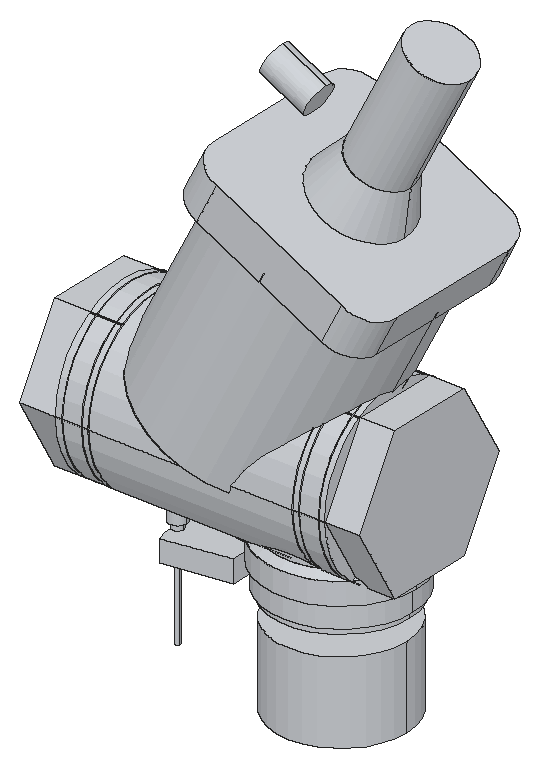
Revit family "PV_Compact_DN032_ 20-80_FF_měř_RFA_2018", category Pipe Accessories, Revit 2018
Family settings
  Round Connector Dimension = Use Diameter
  Part Type = Valve - Breaks Into
  Work Plane-Based = No
  Always vertical = Yes
  Cut with Voids When Loaded = No
  Shared = No
Parameters (values of type "PV Compact DN32 FF s měřením ( 20-80kPa)")
  magiProductId = "4a8a1c2c3ced401aa76adec660b182"
  magiProductFamilyId = "17221e4467384e4990f0bd3f9c07cb"
  magiPartTypeId = 304
  isMeasuringValve [instance] = no
  ang2D [instance] = 0.00°
  Z7 = 15 mm
  Z6 = 40.2 mm
  Z5 = 93.8 mm
  Z4 = 80.4 mm
  Z3 = 13.4 mm
  Z2 = 67 mm
  XR3 = 42.5 mm
  XR2 = 37.5 mm
  XR1 = 25.5 mm
  W2D = 15 mm
  VersionID = "2.0/2018.12.13.2/FRESE_PV_COMPACT_PLUG_Q13_001"
  Use Minimum Symbol Size [instance] = no
  URL = "www.hydronix.cz"
  Type Comments = "závitový s vnitřním závitem; dvěma měřicími vsuvkami; PN25; dpmax=450kPa; -10~+120°C;"
  R5 = 5 mm
  R4 = 15 mm
  R3 = 10 mm
  R2 = 26.5 mm
  R1 = 31.5 mm
  QmdConnectorList = "301;D;302;D"
  Productdata [instance] = ""
  PH__ve = -PH  # -13.6 mm
  PH = 13.6 mm
  NL__ve = -NL  # -20.8 mm
  NL = 20.8 mm
  Manufacturer = "Hydronix"
  MC Use Limits From Balancing Method = no
  MC Throttling Minimum Value = 0
  MC Throttling Maximum Value = 0
  MC Product Code = "53-3214 DN32; FF; nastavitelný rozsah dp=20~80kPa; Q=1000~5000l/h;  kvs=10,1"
  MC Pressure Drop Minimum Value = 0.0 Pa
  MC Pressure Drop Maximum Value = 0.0 Pa
  MC Piping Given Pressure Drop [instance] = 0.0 Pa
  M5 = 41.2 mm
  M4 = 39.2 mm
  M3 = 33.2 mm
  M2 = 31.2 mm
  LP = 52 mm
  LM = 62.4 mm
  LL__ve = -LL  # -6.8 mm
  LLT__ve = -LLT  # -22.6 mm
  LLT = 22.6 mm
  LL2 = 43 mm
  LL = 6.8 mm
  L3 = 25 mm
  L2D_Min = 30.48 mm
  L2D = 65 mm
  Description = "Nastavitelný regulátor tlakové diference"
  DR1 = no
  DR0 = yes
  DL2 = 66 mm
  D = 32 mm
  CenSd_R2_6 = R2 * cos(30.00°)  # 22.95 mm
  CAT0 = yes
  C0D1 = no
  C0D0 = yes
Types (10, lengths in mm): name | magiProductId | Z6 | Z5 | Z4 | Z3 | Z2 | XR3 | XR2 | XR1 | R2 | R1 | PH__ve | PH | NL__ve | NL | MC Product Code | M5 | M4 | M3 | M2 | LP | LM | LL__ve | LLT__ve | LLT | LL2 | LL | L3 | D | CenSd_R2_6
  PV Compact DN15 FF s měřením ( 20-60kPa) | "92c6061b2d364c498536f200ceae3f" | 24.6 | 57.4 | 49.2 | 8.2 | 41 | 30 | 25 | 13 | 14 | 19 | -22.4 | 22.4 | -15 | 15 | "53-3205 DN15; FF; nastavitelný rozsah dp=20~60kPa; Q=100~1000l/h;  kvs=2,9" | 32.5 | 30.5 | 24.5 | 22.5 | 37.5 | 45 | -5.7 | -14.9 | 14.9 | 32 | 5.7 | 11 | 15 | 12.124
  PV Compact DN15 FF s měřením (  5-30kPa) | "f361d342a5c3496a8b127ae77303d4" | 24.6 | 57.4 | 49.2 | 8.2 | 41 | 30 | 25 | 13 | 14 | 19 | -22.4 | 22.4 | -15 | 15 | "53-3204 DN15; FF; nastavitelný rozsah dp=5~30kPa; Q=50~600l/h;  kvs=2,9" | 32.5 | 30.5 | 24.5 | 22.5 | 37.5 | 45 | -5.7 | -14.9 | 14.9 | 32 | 5.7 | 11 | 15 | 12.124
  PV Compact DN20 FF s měřením ( 20-60kPa) | "9f7cac6a20a942348ba3edadb25c10" | 24.6 | 57.4 | 49.2 | 8.2 | 41 | 30 | 25 | 13 | 14 | 19 | -22.4 | 22.4 | -15.8 | 15.8 | "53-3207 DN20; FF; nastavitelný rozsah dp=20~60kPa; Q=150~2000l/h;  kvs=3,5" | 33.7 | 31.7 | 25.7 | 23.7 | 39.5 | 47.4 | -5.7 | -14.9 | 14.9 | 32 | 5.7 | 11 | 20 | 12.124
  PV Compact DN20 FF s měřením (  5-30kPa) | "db23a1b537c14a0d8d3ef5b88ba9f3" | 24.6 | 57.4 | 49.2 | 8.2 | 41 | 30 | 25 | 13 | 14 | 19 | -22.4 | 22.4 | -15.8 | 15.8 | "53-3206 DN20; FF; nastavitelný rozsah dp=5~30kPa; Q=100~1000l/h;  kvs=3,5" | 33.7 | 31.7 | 25.7 | 23.7 | 39.5 | 47.4 | -5.7 | -14.9 | 14.9 | 32 | 5.7 | 11 | 20 | 12.124
  PV Compact DN25 FF s měřením (  5-30kPa) | "df9f1d59aa4a4bbbaec25e168ba07d" | 25.5 | 59.5 | 51 | 8.5 | 42.5 | 30 | 25 | 13 | 14 | 19 | -20.8 | 20.8 | -16.6 | 16.6 | "53-3208 DN25; FF; nastavitelný rozsah dp=5~30kPa; Q=600~2100l/h;  kvs=4,0" | 34.9 | 32.9 | 26.9 | 24.9 | 41.5 | 49.8 | -5.9 | -16.3 | 16.3 | 34 | 5.9 | 11 | 25 | 12.124
  PV Compact DN25L FF s měřením ( 20-80kPa) | "87b7cca8bace4074a54840dfb5d8dc" | 40.2 | 93.8 | 80.4 | 13.4 | 67 | 42.5 | 37.5 | 25.5 | 26.5 | 31.5 | -17.6 | 17.6 | -20 | 20 | "53-3211 DN25L; FF; nastavitelný rozsah dp=20~80kPa; Q=750~4200l/h;  kvs=8,7" | 40 | 38 | 32 | 30 | 50 | 60 | -6.3 | -19.1 | 19.1 | 38 | 6.3 | 11 | 25 | 22.95
  PV Compact DN25L FF s měřením (  5-30kPa) | "5f34f6c18cbb44599cc4b76a533b7b" | 40.2 | 93.8 | 80.4 | 13.4 | 67 | 42.5 | 37.5 | 25.5 | 26.5 | 31.5 | -17.6 | 17.6 | -20 | 20 | "53-3210 DN25L; FF; nastavitelný rozsah dp=5~30kPa; Q=600~2500l/h;  kvs=8,7" | 40 | 38 | 32 | 30 | 50 | 60 | -6.3 | -19.1 | 19.1 | 38 | 6.3 | 11 | 25 | 22.95
  PV Compact DN32 FF s měřením ( 20-80kPa) | "4a8a1c2c3ced401aa76adec660b182" | 40.2 | 93.8 | 80.4 | 13.4 | 67 | 42.5 | 37.5 | 25.5 | 26.5 | 31.5 | -13.6 | 13.6 | -20.8 | 20.8 | "53-3214 DN32; FF; nastavitelný rozsah dp=20~80kPa; Q=1000~5000l/h;  kvs=10,1" | 41.2 | 39.2 | 33.2 | 31.2 | 52 | 62.4 | -6.8 | -22.6 | 22.6 | 43 | 6.8 | 25 | 32 | 22.95
  PV Compact DN40 FF s měřením ( 20-80kPa) | "8dd334465d8f48dd802c3dab6bec5b" | 46.8 | 109.2 | 93.6 | 15.6 | 78 | 42.5 | 37.5 | 25.5 | 26.5 | 31.5 | -11.2 | 11.2 | -27.6 | 27.6 | "53-3216 DN40; FF; nastavitelný rozsah dp=20~80kPa; Q=3000~8000l/h;  kvs=15,8" | 51.4 | 49.4 | 43.4 | 41.4 | 69 | 82.8 | -7.1 | -24.7 | 24.7 | 46 | 7.1 | 25 | 40 | 22.95
  PV Compact DN50 FF s měřením ( 20-80kPa) | "de24153ded7e41748f92358b184bd6" | 46.8 | 109.2 | 93.6 | 15.6 | 78 | 42.5 | 37.5 | 25.5 | 35.25 | 31.5 | -6.4 | 6.4 | -27.6 | 27.6 | "53-3218 DN50; FF; nastavitelný rozsah dp=20~80kPa; Q=5000~11500l/h;  kvs=16,2" | 51.4 | 49.4 | 43.4 | 41.4 | 69 | 82.8 | -7.7 | -28.9 | 28.9 | 52 | 7.7 | 25 | 50 | 30.527
Reference planes
  plane 1 "Center (Front/Back)": y = 0
  plane 2 "XYPLANE": z = 0
  plane 3 "Center (Left/Right)": x = 0
  plane 4 "408": x = 52
  plane 5 "407": x = -52
  plane 6 "402": z = -66
  plane 7 "213": x = 25
  plane 8 "168": z = -18.6
  plane 9 "167": z = -20.6
  plane 10 "166": z = -27.4
  plane 11 "165": z = -34.2
  plane 12 "164": z = -36.2
  plane 13 "154": z = 0
  plane 14 "152": y = 0
  plane 15 "151": z = -43
  plane 16 "150": x = -25
  plane 17 "75": through (307.08, 0, 685.28) normal (0.891, 0, -0.454)
  plane 18 "74": x = 41.2
  plane 19 "73": x = 39.2
  plane 20 "72": x = 33.2
  plane 21 "71": x = 31.2
  plane 22 "70": x = -41.2
  plane 23 "69": x = -39.2
  plane 24 "68": x = -33.2
  plane 25 "67": y = 0
  plane 26 "66": through (-666.893, 0, 343.166) normal (0.454, 0, 0.891)
  plane 27 "65": x = -31.2
  plane 28 "64": through (335.147, 0, 670.979) normal (0.891, 0, -0.454)
  plane 29 "63": through (-637.838, 0, 400.19) normal (0.454, 0, 0.891)
  plane 30 "62": through (363.214, 0, 656.678) normal (0.891, 0, -0.454)
  plane 31 "61": y = 31.5
  plane 32 "60": y = -31.5
  plane 33 "59": through (-631.754, 0, 412.13) normal (0.454, 0, 0.891)
  plane 34 "58": through (-625.671, 0, 424.069) normal (0.454, 0, 0.891)
  plane 35 "57": through (302.625, 0, 687.549) normal (0.891, 0, -0.454)
  plane 36 "56": x = 0
  plane 37 "55": through (-668.255, 0, 340.493) normal (0.454, 0, 0.891)
  plane 38 "102XY": through (-668.255, 0, 340.493) normal (0.454, 0, 0.891)
  plane 39 "102XZ": y = 0
  plane 40 "102YZ": through (340.493, 0, 668.255) normal (0.891, 0, -0.454)
Forms (mm)
  Extrusion 1, solid
    sketch origin (52, -750, 0) x (0, 1, 0) y (0, 0, 1)
      loop
        line (776.5, 0) -> (763.25, 22.95) -> (736.75, 22.95) -> (723.5, 0) -> (736.75, -22.95) -> (763.25, -22.95) -> (776.5, 0)
    from 0 to -20.8 <- "NL__ve"
  Extrusion 2, solid
    sketch origin (-52, -750, 0) x (0, 1, 0) y (0, 0, 1)
      loop
        line (723.5, 0) -> (736.75, -22.95) -> (763.25, -22.95) -> (776.5, 0) -> (763.25, 22.95) -> (736.75, 22.95) -> (723.5, 0)
    from 0 to 20.8 <- "NL"
  Extrusion 3, solid, visible <- "C0D1"
    sketch origin (-750, 0, -66) x (1, 0, 0) y (0, 1, 0)
      loop
        circle (775, 0) r 24
    from 0 to 50
  Extrusion 4, solid, visible <- "DR1"
    sketch origin (-750, 0, -27.4) x (1, 0, 0) y (0, 1, 0)
      loop
        line (775, -24.5) -> (780.092, -6) -> (780.092, 6) -> (775, 24.5) -> (750.608, 6) -> (750.608, -6) -> (775, -24.5)
    from 0 to -13.6 <- "PH__ve"
  Extrusion 5, solid, visible <- "DR1"
    sketch origin (-750, 0, -27.4) x (1, 0, 0) y (0, 1, 0)
      loop
        circle (775, 0) r 24
    from 0 to 6.8 <- "LL"
  Blend 6, solid, visible <- "DR1"
    base sketch origin (-750, 0, -18.6) x (1, 0, 0) y (0, 1, 0)
      loop
        circle (775, 0) r 21.5
    top sketch origin (-750, 0, -18.6) x (1, 0, 0) y (0, 1, 0)
      loop
        circle (775, 0) r 24
    from 0 to -2
  Extrusion 7, solid, visible <- "DR1"
    sketch origin (-750, 0, 0) x (1, 0, 0) y (0, 1, 0)
      loop
        circle (775, 0) r 21.5
    from 0 to -22.6 <- "LLT__ve"
  Extrusion 8, solid, visible <- "C0D0"
    sketch origin (-750, 0, -43) x (1, 0, 0) y (0, 1, 0)
      loop
        circle (775, 0) r 20
    from 0 to -25
  Extrusion 9, solid, visible <- "DR0"
    sketch origin (-750, 0, -36.2) x (1, 0, 0) y (0, 1, 0)
      loop
        line (775, -7) -> (775.762, -3.5) -> (775.762, 3.5) -> (775, 7) -> (754.938, 3.5) -> (754.938, -3.5) -> (775, -7)
    from 0 to -6.8 <- "LL__ve"
  Extrusion 10, solid, visible <- "DR0"
    sketch origin (-750, 0, -36.2) x (1, 0, 0) y (0, 1, 0)
      loop
        circle (775, 0) r 21
    from 0 to 2
  Extrusion 11, solid, visible <- "DR0"
    sketch origin (-750, 0, -27.4) x (1, 0, 0) y (0, 1, 0)
      loop
        circle (775, 0) r 23
    from 0 to 6.8 <- "LL"
  Blend 12, solid, visible <- "DR0"
    base sketch origin (-750, 0, -18.6) x (1, 0, 0) y (0, 1, 0)
      loop
        circle (775, 0) r 20.5
    top sketch origin (-750, 0, -18.6) x (1, 0, 0) y (0, 1, 0)
      loop
        circle (775, 0) r 23
    from 0 to -2
  Extrusion 13, solid, visible <- "DR0"
    sketch origin (-750, 0, 0) x (1, 0, 0) y (0, 1, 0)
      loop
        circle (775, 0) r 20.5
    from 0 to -22.6 <- "LLT__ve"
  Extrusion 14, solid, visible <- "DR0"
    sketch origin (-750, 0, 0) x (1, 0, 0) y (0, 1, 0)
      loop
        circle (775, 0) r 20.5
    from 0 to -22.6 <- "LLT__ve"
  Blend 15, solid, visible <- "DR0"
    base sketch origin (-750, 0, -18.6) x (1, 0, 0) y (0, 1, 0)
      loop
        circle (775, 0) r 20.5
    top sketch origin (-750, 0, -18.6) x (1, 0, 0) y (0, 1, 0)
      loop
        circle (775, 0) r 23
    from 0 to -2
  Extrusion 16, solid, visible <- "DR0"
    sketch origin (-750, 0, -27.4) x (1, 0, 0) y (0, 1, 0)
      loop
        circle (775, 0) r 23
    from 0 to 6.8 <- "LL"
  Extrusion 17, solid, visible <- "DR0"
    sketch origin (-750, 0, -34.2) x (1, 0, 0) y (0, 1, 0)
      loop
        circle (775, 0) r 22
    from 0 to 6.8 <- "LL"
  Extrusion 18, solid, visible <- "DR0"
    sketch origin (-750, 0, -36.2) x (1, 0, 0) y (0, 1, 0)
      loop
        circle (775, 0) r 21
    from 0 to 2
  Extrusion 19, solid, visible <- "DR0"
    sketch origin (-750, 0, -36.2) x (1, 0, 0) y (0, 1, 0)
      loop
        line (775, -7) -> (775.762, -3.5) -> (775.762, 3.5) -> (775, 7) -> (754.938, 3.5) -> (754.938, -3.5) -> (775, -7)
    from 0 to -6.8 <- "LL__ve"
  Extrusion 20, solid, visible <- "C0D0"
    sketch origin (-750, 0, -43) x (1, 0, 0) y (0, 1, 0)
      loop
        circle (775, 0) r 20
    from 0 to -25
  Extrusion 21, solid, visible <- "CAT0"
    sketch origin (-750, 0, -43) x (1, 0, 0) y (0, 1, 0)
      loop
        circle (725, 0) r 0.7
    from 0 to -25
  Extrusion 22, solid
    sketch origin (-750, 0, -36.2) x (1, 0, 0) y (0, 1, 0)
      loop
        line (725, -7) -> (745.062, -3.5) -> (745.062, 3.5) -> (725, 7) -> (724.238, 3.5) -> (724.238, -3.5) -> (725, -7)
    from 0 to -6.8 <- "LL__ve"
  Extrusion 23, solid
    sketch origin (-750, 0, -36.2) x (1, 0, 0) y (0, 1, 0)
      loop
        circle (725, 0) r 1.7
    from 0 to 2
  Extrusion 24, solid
    sketch origin (-750, 0, -34.2) x (1, 0, 0) y (0, 1, 0)
      loop
        circle (725, 0) r 2.7
    from 0 to 6.8 <- "LL"
  Extrusion 25, solid
    sketch origin (-750, 0, -27.4) x (1, 0, 0) y (0, 1, 0)
      loop
        circle (725, 0) r 3.7
    from 0 to 6.8 <- "LL"
  Blend 26, solid
    base sketch origin (-750, 0, -18.6) x (1, 0, 0) y (0, 1, 0)
      loop
        circle (725, 0) r 1.2
    top sketch origin (-750, 0, -18.6) x (1, 0, 0) y (0, 1, 0)
      loop
        circle (725, 0) r 3.7
    from 0 to -2
  Extrusion 27, solid
    sketch origin (-750, 0, 0) x (1, 0, 0) y (0, 1, 0)
      loop
        circle (725, 0) r 1.2
    from 0 to -22.6 <- "LLT__ve"
  Blend 28, solid, visible <- "CAT0"
    base sketch origin (39.2, -750, 0) x (0, 1, 0) y (0, 0, 1)
      loop
        circle (750, 0) r 26.5
    top sketch origin (39.2, -750, 0) x (0, 1, 0) y (0, 0, 1)
      loop
        circle (750, 0) r 26.5
    from 0 to 2
  Extrusion 29, solid, visible <- "CAT0"
    sketch origin (33.2, -750, 0) x (0, 1, 0) y (0, 0, 1)
      loop
        circle (750, 0) r 26.5
    from 0 to 6
  Blend 30, solid, visible <- "CAT0"
    base sketch origin (31.2, -750, 0) x (0, 1, 0) y (0, 0, 1)
      loop
        circle (750, 0) r 26.5
    top sketch origin (31.2, -750, 0) x (0, 1, 0) y (0, 0, 1)
      loop
        circle (750, 0) r 26.5
    from 0 to 2
  Blend 31, solid, visible <- "CAT0"
    base sketch origin (-39.2, -750, 0) x (0, 1, 0) y (0, 0, 1)
      loop
        circle (750, 0) r 26.5
    top sketch origin (-39.2, -750, 0) x (0, 1, 0) y (0, 0, 1)
      loop
        circle (750, 0) r 26.5
    from 0 to -2
  Extrusion 32, solid, visible <- "CAT0"
    sketch origin (-39.2, -750, 0) x (0, 1, 0) y (0, 0, 1)
      loop
        circle (750, 0) r 26.5
    from 0 to 6
  Blend 33, solid, visible <- "CAT0"
    base sketch origin (-33.2, -750, 0) x (0, 1, 0) y (0, 0, 1)
      loop
        circle (750, 0) r 26.5
    top sketch origin (-33.2, -750, 0) x (0, 1, 0) y (0, 0, 1)
      loop
        circle (750, 0) r 26.5
    from 0 to 2
  Extrusion 34, solid, visible <- "CAT0"
    sketch origin (-31.2, -750, 0) x (0, 1, 0) y (0, 0, 1)
      loop
        circle (750, 0) r 26.5
    from 0 to 62.4 <- "LM"
  Extrusion 35, solid, visible <- "CAT0"
    sketch origin (-666.893, 0, 343.166) x (0.891007, 0, -0.45399) y (0, 1, 0)
      loop
        circle (744, 0) r 31.5
    from 0 to 67 <- "Z2"
  Extrusion 36, solid, visible <- "CAT0"
    sketch origin (-637.838, 0, 400.19) x (0.891007, 0, -0.45399) y (0, 1, 0)
      loop
        arc (722.5, 31.5) -> (715.429, 28.571) -> (712.5, 21.5) r 10
        line (712.5, 21.5) -> (712.5, -21.5)
        arc (712.5, -21.5) -> (715.429, -28.571) -> (722.5, -31.5) r 10
        line (722.5, -31.5) -> (765.5, -31.5)
        arc (765.5, -31.5) -> (772.571, -28.571) -> (775.5, -21.5) r 10
        line (775.5, -21.5) -> (775.5, 21.5)
        arc (775.5, 21.5) -> (772.571, 28.571) -> (765.5, 31.5) r 10
        line (765.5, 31.5) -> (722.5, 31.5)
    from 0 to 13.4 <- "Z3"
  Blend 37, solid, visible <- "CAT0"
    base sketch origin (-631.754, 0, 412.13) x (0.891007, 0, -0.45399) y (0, 1, 0)
      loop
        circle (744, 0) r 15
    top sketch origin (-631.754, 0, 412.13) x (0.891007, 0, -0.45399) y (0, 1, 0)
      loop
        circle (744, 0) r 10
    from 0 to 13.4
  Extrusion 38, solid, visible <- "CAT0"
    sketch origin (-625.671, 0, 424.069) x (0.891007, 0, -0.45399) y (0, 1, 0)
      loop
        circle (744, 0) r 10
    from 0 to 40.2 <- "Z6"
  Extrusion 39, solid, visible <- "CAT0"
    sketch origin (302.625, 0, 687.549) x (-0.45399, 0, -0.891007) y (0, 1, 0)
      loop
        circle (656.2, 0) r 5
    from 0 to 15 <- "Z7"
  Blend 40, solid, visible <- "CAT0"
    base sketch origin (-668.255, 0, 340.493) x (0.891007, 0, -0.45399) y (0, 1, 0)
      loop
        circle (744, 0) r 27.5
    top sketch origin (-668.255, 0, 340.493) x (0.891007, 0, -0.45399) y (0, 1, 0)
      loop
        circle (744, 0) r 31.5
    from 0 to 3
  Extrusion 41, solid, not visible
    sketch origin (-41.2, -750, 0) x (0, 1, 0) y (0, 0, 1)
      loop
        circle (750, 0) r 22.5
    from 0 to 10
  Extrusion 42, solid, not visible
    sketch origin (41.2, -750, 0) x (0, 1, 0) y (0, 0, 1)
      loop
        circle (750, 0) r 22.5
    from 0 to -10
Lines and regions (mm)
  reference lines, not visible
    curve 1: circle (2, 2, 0) r 1 normal (0, 0, 1)
  reference lines
    curve 2: line (52, 0, 0) -> (52, -3.5, 6.062)
    curve 3: line (52, 0, 0) -> (52, -7, 0)
    curve 4: line (52, 0, 0) -> (52, -3.5, -6.062)
    curve 5: line (-52, 0, 0) -> (-52, 3.5, 6.062)
    curve 6: line (-52, 0, 0) -> (-52, 7, 0)
    curve 7: line (-52, 0, 0) -> (-52, 3.5, -6.062)
Dimensions and locks
  plane 1 "Center (Front/Back)" to curve 1 = 2 mm
  "LP": plane 36 "56" to plane 4 "408"
  "LP": plane 36 "56" to plane 5 "407"
  "DL2": plane 2 "XYPLANE" to plane 6 "402"
  "L3": plane 3 "Center (Left/Right)" to plane 7 "213"
  locked: plane 9 "167" to plane 8 "168" at 2
  "LL": plane 10 "166" to plane 9 "167"
  "LL": plane 11 "165" to plane 10 "166"
  locked: plane 12 "164" to plane 11 "165" at 2
  "LL": plane 15 "151" to plane 12 "164"
  locked: plane 2 "XYPLANE" to plane 13 "154"
  locked: plane 1 "Center (Front/Back)" to plane 14 "152"
  "LL2": plane 2 "XYPLANE" to plane 15 "151"
  "L3": plane 3 "Center (Left/Right)" to plane 16 "150"
  "XR2": plane 40 "102YZ" to plane 17 "75"
  "M5": plane 3 "Center (Left/Right)" to plane 18 "74"
  "M4": plane 3 "Center (Left/Right)" to plane 19 "73"
  "M3": plane 3 "Center (Left/Right)" to plane 20 "72"
  "M2": plane 3 "Center (Left/Right)" to plane 21 "71"
  "M5": plane 3 "Center (Left/Right)" to plane 22 "70"
  "M4": plane 3 "Center (Left/Right)" to plane 23 "69"
  "M3": plane 3 "Center (Left/Right)" to plane 24 "68"
  locked: plane 14 "152" to plane 25 "67"
  locked: plane 38 "102XY" to plane 26 "66" at 3
  "M2": plane 3 "Center (Left/Right)" to plane 27 "65"
  locked: plane 40 "102YZ" to plane 28 "64" at 6
  "Z2": plane 38 "102XY" to plane 29 "63"
  "XR1": plane 40 "102YZ" to plane 30 "62"
  "R1": plane 14 "152" to plane 31 "61"
  "R1": plane 14 "152" to plane 32 "60"
  "Z4": plane 38 "102XY" to plane 33 "59"
  "Z5": plane 38 "102XY" to plane 34 "58"
  "XR3": plane 40 "102YZ" to plane 35 "57"
  locked: plane 3 "Center (Left/Right)" to plane 36 "56"
  locked: plane 38 "102XY" to plane 37 "55"
  "CenSd_R2_6": curve 2 to Extrusion 1 sketch curve  (x2)
  "CenSd_R2_6": curve 3 to Extrusion 1 sketch curve  (x2)
  "CenSd_R2_6": curve 4 to Extrusion 1 sketch curve  (x2)
  Extrusion 1 sketch curve to Extrusion 1 sketch curve = 0 mm  (x12)
  "CenSd_R2_6": curve 5 to Extrusion 2 sketch curve  (x2)
  "CenSd_R2_6": curve 6 to Extrusion 2 sketch curve  (x2)
  "CenSd_R2_6": curve 7 to Extrusion 2 sketch curve  (x2)
  Extrusion 2 sketch curve to Extrusion 2 sketch curve = 0 mm  (x12)
  Extrusion 4 sketch curve to Extrusion 4 sketch curve = 0 mm  (x12)
  Extrusion 9 sketch curve to Extrusion 9 sketch curve = 0 mm  (x12)
  Extrusion 19 sketch curve to Extrusion 19 sketch curve = 0 mm  (x12)
  Extrusion 22 sketch curve to Extrusion 22 sketch curve = 0 mm  (x12)
  Extrusion 36 sketch curve to Extrusion 36 sketch curve = 0 mm  (x16)
  "R2": radius of Blend 28 sketch curve  (x2)
  "R2": radius of Extrusion 29 sketch curve
  "R2": radius of Blend 30 sketch curve  (x2)
  "R2": radius of Blend 31 sketch curve  (x2)
  "R2": radius of Extrusion 32 sketch curve
  "R2": radius of Blend 33 sketch curve  (x2)
  "R2": radius of Extrusion 34 sketch curve
  "R1": radius of Extrusion 35 sketch curve
  radius of Extrusion 36 sketch curve = 10 mm  (x4)
  "R3": radius of Blend 37 sketch curve
  "R4": radius of Blend 37 sketch curve
  "R3": radius of Extrusion 38 sketch curve
  "R5": radius of Extrusion 39 sketch curve
  "R1": radius of Blend 40 sketch curve
  locked: curve 3 to curve 2 (angle 60.00°)
  locked: curve 4 to curve 3 (angle 60.00°)
  locked: curve 4 to curve 2 (angle 120.00°)
  locked: curve 6 to curve 5 (angle 60.00°)
  locked: curve 7 to curve 6 (angle 60.00°)
  locked: curve 7 to curve 5 (angle 120.00°)
  aligned and locked: level to plane 2 "XYPLANE"
  aligned and locked: plane 13 "154" to curve 4
  aligned and locked: curve 4 to plane 14 "152"
  aligned and locked: plane 13 "154" to curve 7
  aligned and locked: curve 7 to plane 14 "152"
  aligned and locked: plane 7 "213" to Extrusion 3 sketch curve
  aligned and locked: plane 14 "152" to Extrusion 3 sketch curve
  aligned and locked: plane 7 "213" to Extrusion 5 sketch curve
  aligned and locked: plane 14 "152" to Extrusion 5 sketch curve
  aligned and locked: plane 7 "213" to Blend 6 sketch curve  (x2)
  aligned and locked: plane 14 "152" to Blend 6 sketch curve  (x2)
  aligned and locked: Blend 6 to plane 9 "167"
  aligned and locked: plane 7 "213" to Extrusion 7 sketch curve
  aligned and locked: plane 14 "152" to Extrusion 7 sketch curve
  aligned and locked: plane 7 "213" to Extrusion 8 sketch curve
  aligned and locked: plane 14 "152" to Extrusion 8 sketch curve
  aligned and locked: plane 7 "213" to Extrusion 10 sketch curve
  aligned and locked: plane 14 "152" to Extrusion 10 sketch curve
  aligned and locked: plane 7 "213" to Extrusion 11 sketch curve
  aligned and locked: plane 14 "152" to Extrusion 11 sketch curve
  aligned and locked: plane 7 "213" to Blend 12 sketch curve  (x2)
  aligned and locked: plane 14 "152" to Blend 12 sketch curve  (x2)
  aligned and locked: Blend 12 to plane 9 "167"
  aligned and locked: plane 7 "213" to Extrusion 13 sketch curve
  aligned and locked: plane 14 "152" to Extrusion 13 sketch curve
  aligned and locked: plane 7 "213" to Extrusion 14 sketch curve
  aligned and locked: plane 14 "152" to Extrusion 14 sketch curve
  aligned and locked: plane 7 "213" to Blend 15 sketch curve  (x2)
  aligned and locked: plane 14 "152" to Blend 15 sketch curve  (x2)
  aligned and locked: Blend 15 to plane 9 "167"
  aligned and locked: plane 7 "213" to Extrusion 16 sketch curve
  aligned and locked: plane 14 "152" to Extrusion 16 sketch curve
  aligned and locked: plane 7 "213" to Extrusion 17 sketch curve
  aligned and locked: plane 14 "152" to Extrusion 17 sketch curve
  aligned and locked: plane 7 "213" to Extrusion 18 sketch curve
  aligned and locked: plane 14 "152" to Extrusion 18 sketch curve
  aligned and locked: plane 7 "213" to Extrusion 20 sketch curve
  aligned and locked: plane 14 "152" to Extrusion 20 sketch curve
  aligned and locked: plane 14 "152" to Extrusion 21 sketch curve
  aligned and locked: plane 16 "150" to Extrusion 21 sketch curve
  aligned and locked: plane 14 "152" to Extrusion 23 sketch curve
  aligned and locked: plane 16 "150" to Extrusion 23 sketch curve
  aligned and locked: plane 14 "152" to Extrusion 24 sketch curve
  aligned and locked: plane 16 "150" to Extrusion 24 sketch curve
  aligned and locked: plane 14 "152" to Extrusion 25 sketch curve
  aligned and locked: plane 16 "150" to Extrusion 25 sketch curve
  aligned and locked: plane 14 "152" to Blend 26 sketch curve  (x2)
  aligned and locked: plane 16 "150" to Blend 26 sketch curve  (x2)
  aligned and locked: Blend 26 to plane 9 "167"
  aligned and locked: plane 14 "152" to Extrusion 27 sketch curve
  aligned and locked: plane 16 "150" to Extrusion 27 sketch curve
  aligned and locked: plane 13 "154" to Blend 28 sketch curve  (x2)
  aligned and locked: Blend 28 sketch curve to plane 14 "152"  (x2)
  aligned and locked: plane 18 "74" to Blend 28
  aligned and locked: plane 13 "154" to Extrusion 29 sketch curve
  aligned and locked: Extrusion 29 sketch curve to plane 14 "152"
  aligned and locked: plane 13 "154" to Blend 30 sketch curve  (x2)
  aligned and locked: Blend 30 sketch curve to plane 14 "152"  (x2)
  aligned and locked: plane 20 "72" to Blend 30
  aligned and locked: plane 13 "154" to Blend 31 sketch curve  (x2)
  aligned and locked: Blend 31 sketch curve to plane 14 "152"  (x2)
  aligned and locked: Blend 31 to plane 22 "70"
  aligned and locked: plane 13 "154" to Extrusion 32 sketch curve
  aligned and locked: Extrusion 32 sketch curve to plane 14 "152"
  aligned and locked: plane 13 "154" to Blend 33 sketch curve  (x2)
  aligned and locked: Blend 33 sketch curve to plane 14 "152"  (x2)
  aligned and locked: plane 27 "65" to Blend 33
  aligned and locked: plane 13 "154" to Extrusion 34 sketch curve
  aligned and locked: Extrusion 34 sketch curve to plane 14 "152"
  aligned and locked: plane 25 "67" to Extrusion 35 sketch curve
  aligned and locked: Extrusion 35 sketch curve to plane 28 "64"
  aligned and locked: Extrusion 36 sketch curve to plane 17 "75"
  aligned and locked: Extrusion 36 sketch curve to plane 32 "60"
  aligned and locked: Extrusion 36 sketch curve to plane 30 "62"
  aligned and locked: plane 31 "61" to Extrusion 36 sketch curve
  aligned and locked: plane 25 "67" to Blend 37 sketch curve  (x2)
  aligned and locked: Blend 37 sketch curve to plane 28 "64"  (x2)
  aligned and locked: plane 34 "58" to Blend 37
  aligned and locked: plane 25 "67" to Extrusion 38 sketch curve
  aligned and locked: Extrusion 38 sketch curve to plane 28 "64"
  aligned and locked: plane 25 "67" to Extrusion 39 sketch curve
  aligned and locked: plane 34 "58" to Extrusion 39 sketch curve
  aligned and locked: plane 25 "67" to Blend 40 sketch curve  (x2)
  aligned and locked: Blend 40 sketch curve to plane 28 "64"  (x2)
  aligned and locked: plane 26 "66" to Blend 40
  aligned and locked: plane 13 "154" to Extrusion 41 sketch curve
  aligned and locked: Extrusion 41 sketch curve to plane 14 "152"
  aligned and locked: plane 13 "154" to Extrusion 42 sketch curve
  aligned and locked: Extrusion 42 sketch curve to plane 14 "152"
Automatic sketch dimensions
  plane 3 "Center (Left/Right)" to Extrusion 3 sketch curve = 1 mm
  Extrusion 4 sketch curve to plane 7 "213" = 0 mm  (x2)
  plane 3 "Center (Left/Right)" to Extrusion 4 sketch curve = 0.608 mm
  Extrusion 4 sketch curve to plane 21 "71" = 1.108 mm
  plane 32 "60" to Extrusion 4 sketch curve = 7 mm
  plane 1 "Center (Front/Back)" to Extrusion 4 sketch curve = 6 mm  (x2)
  Extrusion 4 sketch curve to plane 1 "Center (Front/Back)" = 6 mm  (x2)
  Extrusion 4 sketch curve to plane 31 "61" = 7 mm
  plane 3 "Center (Left/Right)" to Extrusion 5 sketch curve = 1 mm
  plane 3 "Center (Left/Right)" to Blend 6 sketch curve = 3.5 mm
  plane 3 "Center (Left/Right)" to Blend 6 sketch curve = 1 mm
  plane 3 "Center (Left/Right)" to Extrusion 7 sketch curve = 3.5 mm
  plane 3 "Center (Left/Right)" to Extrusion 8 sketch curve = 5 mm
  Extrusion 9 sketch curve to plane 7 "213" = 0 mm  (x2)
  plane 3 "Center (Left/Right)" to Extrusion 9 sketch curve = 4.938 mm
  Extrusion 9 sketch curve to plane 21 "71" = 5.438 mm
  plane 1 "Center (Front/Back)" to Extrusion 9 sketch curve = 7 mm
  plane 1 "Center (Front/Back)" to Extrusion 9 sketch curve = 3.5 mm  (x2)
  Extrusion 9 sketch curve to plane 1 "Center (Front/Back)" = 3.5 mm  (x2)
  Extrusion 9 sketch curve to Extrusion 9 sketch curve = 3.5 mm
  plane 3 "Center (Left/Right)" to Extrusion 10 sketch curve = 4 mm
  plane 3 "Center (Left/Right)" to Extrusion 11 sketch curve = 2 mm
  plane 3 "Center (Left/Right)" to Blend 12 sketch curve = 4.5 mm
  plane 3 "Center (Left/Right)" to Blend 12 sketch curve = 2 mm
  plane 3 "Center (Left/Right)" to Extrusion 13 sketch curve = 4.5 mm
  plane 3 "Center (Left/Right)" to Extrusion 14 sketch curve = 4.5 mm
  plane 3 "Center (Left/Right)" to Blend 15 sketch curve = 4.5 mm
  plane 3 "Center (Left/Right)" to Blend 15 sketch curve = 2 mm
  plane 3 "Center (Left/Right)" to Extrusion 16 sketch curve = 2 mm
  plane 3 "Center (Left/Right)" to Extrusion 17 sketch curve = 3 mm
  plane 3 "Center (Left/Right)" to Extrusion 18 sketch curve = 4 mm
  Extrusion 19 sketch curve to plane 7 "213" = 0 mm  (x2)
  plane 3 "Center (Left/Right)" to Extrusion 19 sketch curve = 4.938 mm
  Extrusion 19 sketch curve to plane 21 "71" = 5.438 mm
  plane 1 "Center (Front/Back)" to Extrusion 19 sketch curve = 7 mm
  plane 1 "Center (Front/Back)" to Extrusion 19 sketch curve = 3.5 mm  (x2)
  Extrusion 19 sketch curve to plane 1 "Center (Front/Back)" = 3.5 mm  (x2)
  Extrusion 19 sketch curve to Extrusion 19 sketch curve = 3.5 mm
  plane 3 "Center (Left/Right)" to Extrusion 20 sketch curve = 5 mm
  plane 27 "65" to Extrusion 21 sketch curve = 5.5 mm
  Extrusion 22 sketch curve to plane 16 "150" = 0 mm  (x2)
  plane 27 "65" to Extrusion 22 sketch curve = 5.438 mm
  Extrusion 22 sketch curve to plane 3 "Center (Left/Right)" = 4.938 mm
  plane 1 "Center (Front/Back)" to Extrusion 22 sketch curve = 7 mm
  plane 1 "Center (Front/Back)" to Extrusion 22 sketch curve = 3.5 mm  (x2)
  Extrusion 22 sketch curve to plane 1 "Center (Front/Back)" = 3.5 mm  (x2)
  Extrusion 22 sketch curve to Extrusion 22 sketch curve = 3.5 mm
  plane 27 "65" to Extrusion 23 sketch curve = 4.5 mm
  plane 27 "65" to Extrusion 24 sketch curve = 3.5 mm
  plane 27 "65" to Extrusion 25 sketch curve = 2.5 mm
  plane 27 "65" to Blend 26 sketch curve = 5 mm
  plane 27 "65" to Blend 26 sketch curve = 2.5 mm
  plane 27 "65" to Extrusion 27 sketch curve = 5 mm
  plane 17 "75" to Blend 40 sketch curve = 4 mm
  plane 32 "60" to Extrusion 41 sketch curve = 9 mm
  plane 32 "60" to Extrusion 42 sketch curve = 9 mm
  plane 3 "Center (Left/Right)" to curve 1 = 2 mm
  radius of curve 1 = 1 mm
Connectors
  piping at (-41.2, 0, 0), diameter 32, driven by "D"
    settings: on Extrusion 41, index 1, connector inside diameter 609.6 mm, connector length 0 mm, flow factor 0, pipe flow 0.0 L/s, pressure drop 0.0 Pa, fitting loss kfactor 0, connector angle 0.00°, fixture units 0, engagement length 0 mm, angle of deflection 0.00°, flow configuration 0, flow direction 0, fitting loss method 0, system type 29, joint type 0, gender type 0, connector reference index 2, connector utility 0, adjustable connector no, is connector primary yes, connector description ""
  piping at (41.2, 0, 0), diameter 32, driven by "D"
    settings: on Extrusion 42, index 2, connector inside diameter 609.6 mm, connector length 0 mm, flow factor 0, pipe flow 0.0 L/s, pressure drop 0.0 Pa, fitting loss kfactor 0, connector angle 0.00°, fixture units 0, engagement length 0 mm, angle of deflection 0.00°, flow configuration 0, flow direction 0, fitting loss method 0, system type 29, joint type 0, gender type 0, connector reference index 1, connector utility 0, adjustable connector no, is connector primary no, connector description ""
